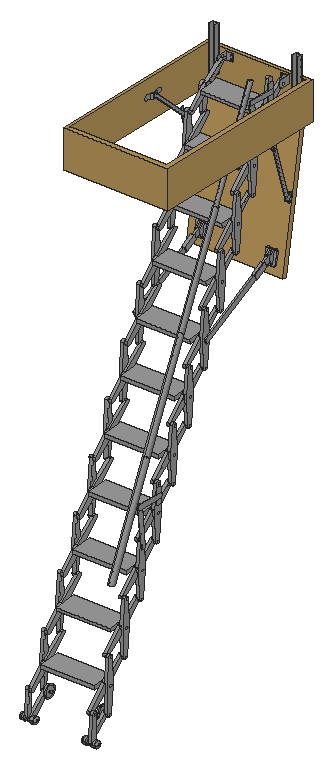
Revit family "schaartrap_Large elec 700x1200 mm", category Generic Models, Revit 2019 (continued)
Forms (mm)
  Extrusion 59, solid, material "gietaluminium" <- "schaartrap"
    sketch origin (-183, -691.803, -482.845) x (0, 1, 0) y (0, 0, 1)
      loop
        circle (1499.217, 2199.837) r 5.05
      loop
        circle (1503.35, 2369.787) r 5.05
      loop
        circle (1626.329, 2312.72) r 5.05
      loop
        circle (1630.463, 2482.669) r 5.05
      loop
        circle (1634.596, 2652.619) r 5.05
      loop
        circle (1757.575, 2595.552) r 5.05
      loop
        circle (1761.709, 2765.501) r 5.05
      loop
        circle (1765.842, 2935.451) r 5.05
      loop
        circle (1888.821, 2878.384) r 5.05
      loop
        circle (1892.955, 3048.333) r 5.05
      loop
        circle (1897.088, 3218.283) r 5.05
      loop
        circle (2020.067, 3161.216) r 5.05
      loop
        circle (2024.201, 3331.165) r 5.05
      loop
        circle (2028.334, 3501.115) r 5.05
    from 406 to 411
  Extrusion 60, solid, material "gietaluminium" <- "schaartrap"
    sketch origin (-190, 1075.218, -14.204) x (0, 1, 0) y (0, 0, 1)
      loop
        arc (-952.335, 115.163) -> (-889.836, 135.606) -> (-930.932, 186.941) r 40
        arc (-930.932, 186.941) -> (-966.5, 158.467) -> (-952.335, 115.163) r 40
      loop
        arc (-949.488, 116.796) -> (-892.75, 136.334) -> (-929.173, 184.023) r 37
        arc (-929.173, 184.023) -> (-963.586, 157.739) -> (-949.488, 116.796) r 37
    from 359 to 370
  Extrusion 61, solid, material "gietaluminium" <- "schaartrap"
    sketch origin (0, 1075.218, -14.204) x (0, 1, 0) y (0, 0, 1)
      loop
        arc (-929.173, 184.023) -> (-963.586, 157.739) -> (-949.488, 116.796) r 37
        arc (-949.488, 116.796) -> (-892.75, 136.334) -> (-929.173, 184.023) r 37
    from 173 to 176.5
  Extrusion 62, solid, material "gietaluminium" <- "schaartrap"
    sketch origin (518, 1075.218, -14.204) x (0, 1, 0) y (0, 0, -1)
      loop
        circle (-928.168, -147.037) r 5
    from 359 to 335
  Extrusion 63, solid, material "gietaluminium" <- "schaartrap"
    sketch origin (0, 1397.252, 589.921) x (0, 0.911966, 0.410266) y (0, -0.410266, 0.911966)
      loop
        line (738.558, 1486.986) -> (737.103, 1516.95) -> (144.506, 1488.184) -> (145.96, 1458.219) -> (738.558, 1486.986)
      loop
        circle (160.215, 1473.929) r 5.25
      loop
        circle (180.192, 1474.899) r 5.25
      loop
        circle (200.168, 1475.868) r 5.25
    from 223 to 238
  Extrusion 64, solid, material "gietaluminium" <- "schaartrap"
    sketch origin (0, 1481.317, 678.602) x (0, 0.911966, 0.410266) y (0, -0.410266, 0.911966)
      loop
        line (571.9, 1435.495) -> (570.203, 1470.454) -> (480.308, 1466.09) -> (482.005, 1431.132) -> (571.9, 1435.495)
    from 220 to 241
  Extrusion 65, solid, material "gietaluminium" <- "schaartrap"
    sketch origin (0, 560.741, 33.429) x (0, 1, 0) y (0, 0, 1)
      loop
        line (909.557, 2267.866) -> (879.657, 2238.071) -> (878.16, 2236.332)
        arc (878.16, 2236.332) -> (875.317, 2228.913) -> (876.662, 2221.083) r 15
        line (876.662, 2221.083) -> (894.568, 2182.859) -> (909.557, 2267.866)
      loop
        circle (890.245, 2227.446) r 4
    from 238 to 246
  Extrusion 66, solid, material "gietaluminium" <- "schaartrap"
    sketch origin (-23, 572.53, 33.429) x (0, 1, 0) y (0, 0, 1)
      loop
        line (897.768, 2267.866) -> (867.868, 2238.071) -> (866.371, 2236.332)
        arc (866.371, 2236.332) -> (863.528, 2228.913) -> (864.873, 2221.083) r 15
        line (864.873, 2221.083) -> (882.779, 2182.859) -> (897.768, 2267.866)
      loop
        circle (878.456, 2227.446) r 4
    from 238 to 246
  Extrusion 67, solid, material "gietaluminium" <- "schaartrap"
    sketch origin (9.5, 568.39, 63.512) x (0, -0.999989, -0.004751) y (0, -0.004751, 0.999989)
      loop
        line (-939.22, 2544.24) -> (-830.858, 2908.254) -> (-850.026, 2913.96) -> (-957.279, 2553.676) -> (-939.22, 2544.24)
    from -294 to -290
  Extrusion 68, solid, material "gietaluminium" <- "schaartrap"
    sketch origin (9.5, 556.226, 59.034) x (0, -1, 0) y (0, 0, 1)
      loop
        line (-940.89, 2553.899) -> (-976.995, 2573.203) -> (-966.577, 2514.114) -> (-939.251, 2544.603)
        arc (-939.251, 2544.603) -> (-937.81, 2549.65) -> (-940.89, 2553.899) r 6
      loop
        circle (-951.597, 2547.218) r 4
    from -298 to -294
  Extrusion 69, solid, material "gietaluminium" <- "schaartrap"
    sketch origin (9.5, 554.676, 59.45) x (0, -1, 0) y (0, 0, 1)
      loop
        circle (-850.772, 2884.573) r 4
    from -299 to -294
  Extrusion 70, solid, material "gietaluminium" <- "schaartrap"
    sketch origin (629, 1089.3, 0) x (0, 1, 0) y (0, 0, -1)
      loop
        circle (-1069.3, -20) r 20
    from 446 to 466
  Sweep 71, solid, material "gietaluminium" <- "schaartrap"
    path origin (163, 1089.3, 0) x (0, 1, 0) y (0, 0, -1)
      loop
        circle (-1069.3, -20) r 20
    profile origin (163, 20, 40) x (0, 0, 1) y (-1, 0, 0)
      loop
        line (-7.976, 0) -> (0, 0)
        arc (0, 0) -> (-2.238, 6.396) -> (-7.976, 10) r 10.257
        line (-7.976, 10) -> (-7.976, 0)
  Extrusion 72, solid, material "gietaluminium" <- "schaartrap"
    sketch origin (-223, 1089.3, 0) x (0, 1, 0) y (0, 0, 1)
      loop
        circle (-1069.3, 20) r 20
    from 446 to 466
  Sweep 73, solid, material "gietaluminium" <- "schaartrap"
    path origin (243, 1089.3, 0) x (0, 1, 0) y (0, 0, 1)
      loop
        circle (-1069.3, 20) r 20
    profile origin (243, 20, 40) x (0, 0, -1) y (1, 0, 0)
      loop
        line (7.976, 0) -> (7.976, 10)
        arc (7.976, 10) -> (2.238, 6.396) -> (0, 0) r 10.257
        line (0, 0) -> (7.976, 0)
  Extrusion 74, solid, material "gietaluminium" <- "schaartrap"
    sketch origin (0, -288.139, -495.345) x (0, 1, 0) y (0, 0, 1)
      loop
        circle (439.322, 785.677) r 21
      loop
        circle (570.569, 1068.501) r 21
      loop
        circle (701.815, 1351.333) r 21
      loop
        circle (833.061, 1634.173) r 21
      loop
        circle (964.307, 1916.997) r 21
      loop
        circle (1095.553, 2199.83) r 21
      loop
        circle (1226.799, 2482.662) r 21
      loop
        circle (1358.046, 2765.494) r 21
      loop
        circle (1489.292, 3048.326) r 21
      loop
        circle (1620.538, 3331.158) r 21
      loop
        circle (1751.784, 3613.99) r 21
    from 183 to 180
  Extrusion 75, solid, material "gietaluminium" <- "schaartrap"
    sketch origin (0, 555.226, 0) x (-1, 0, 0) y (0, -1, 0)
      loop
        line (-318.5, -670.781) -> (-315.5, -670.781) -> (-315.5, -648.68) -> (-299.5, -637.477) -> (-299.5, -605.584) -> (-315.5, -594.381) -> (-315.5, -572.281) -> (-318.5, -572.281) -> (-318.5, -595.943) -> (-302.5, -607.146) -> (-302.5, -635.915) -> (-318.5, -647.118) -> (-318.5, -670.781)
    from 3135.001 to 3165.001
  Extrusion 76, solid, material "gietaluminium" <- "schaartrap"
    sketch origin (0, 555.226, 0) x (0, -1, 0) y (0, 0, 1)
      loop
        arc (-670.781, 3165.001) -> (-685.781, 3150.001) -> (-670.781, 3135.001) r 15
        line (-670.781, 3135.001) -> (-670.781, 3165.001)
      loop
        line (-572.281, 3165.001) -> (-572.281, 3135.001)
        arc (-572.281, 3135.001) -> (-557.281, 3150.001) -> (-572.281, 3165.001) r 15
    from -318.5 to -315.5
  Extrusion 77, solid, material "gietaluminium" <- "schaartrap"
    sketch origin (-9.5, -183.415, -47.26) x (0, 0.992588, 0.121526) y (0, -0.121526, 0.992588)
      loop
        arc (1745.34, 3015.243) -> (1731.238, 3016.309) -> (1730.173, 3002.207) r 10
        line (1730.173, 3002.207) -> (1938.21, 2760.168)
        arc (1938.21, 2760.168) -> (1949.392, 2762.227) -> (1953.806, 2772.705) r 11.968
        line (1953.806, 2772.705) -> (1745.34, 3015.243)
    from -290 to -286
  Extrusion 78, solid, material "gietaluminium" <- "schaartrap"
    sketch origin (9.5, 183.415, -47.26) x (0, -0.992588, 0.121526) y (0, 0.121526, 0.992588)
      loop
        line (-602.244, 3302.667) -> (-863.066, 3117.586)
        arc (-863.066, 3117.586) -> (-861.31, 3106.352) -> (-850.955, 3101.656) r 11.968
        line (-850.955, 3101.656) -> (-590.67, 3286.357)
        arc (-590.67, 3286.357) -> (-588.302, 3300.299) -> (-602.244, 3302.667) r 10
    from -290 to -286
  Extrusion 79, solid, material "gietaluminium" <- "schaartrap"
    sketch origin (16, 566.635, 120) x (1, 0, 0) y (0, 1, 0)
      loop
        line (-174, 1074.122) -> (-223, 1074.122) -> (-223, 1000.712) -> (-219, 1000.712) -> (-219, 1070.122) -> (-174, 1070.122) -> (-174, 1074.122)
    from 3070.001 to 3120.001
  Extrusion 80, void
    sketch origin (0, 576.676, 110.097) x (0, 1, 0) y (0, 0, 1)
      loop
        circle (1012.7, 3103.203) r 5.05
    from -228 to 250
  Extrusion 81, void
    sketch origin (0, 566.635, 120) x (1, 0, 0) y (0, 0, 1)
      loop
        circle (-167.264, 3109) r 5
      loop
        circle (-167.264, 3080.25) r 5
    from -1074.122 to -1070.122
  Extrusion 82, void
    sketch origin (0, 566.635, -30) x (0, 1, 0) y (0, 0, 1)
      loop
        line (1022.741, 3270.001) -> (994.712, 3270.001) -> (994.712, 3220.001) -> (1022.741, 3220.001)
        arc (1022.741, 3220.001) -> (997.741, 3245.001) -> (1022.741, 3270.001) r 25
    from -231.94 to 250
  Extrusion 83, solid
    sketch origin (0, 566.635, -30) x (0, 1, 0) y (0, 0, 1)
      loop
        circle (1022.741, 3243.3) r 5.05
    from -207 to -212
  Extrusion 84, solid
    sketch origin (0, 566.635, -30) x (0, 1, 0) y (0, 0, -1)
      loop
        circle (1022.741, -3243.3) r 5.05
    from -207 to -212
  Extrusion 85, solid, material "gietaluminium" <- "schaartrap"
    sketch origin (-16, 566.635, 120) x (-1, 0, 0) y (0, -1, 0)
      loop
        line (-174, -1074.122) -> (-174, -1070.122) -> (-219, -1070.122) -> (-219, -1000.712) -> (-223, -1000.712) -> (-223, -1074.122) -> (-174, -1074.122)
    from 3070.001 to 3120.001
  Extrusion 86, void
    sketch origin (0, 566.635, 120) x (-1, 0, 0) y (0, 0, -1)
      loop
        circle (-167.264, -3109) r 5
      loop
        circle (-167.264, -3080.25) r 5
    from -1076.122 to -1062.325
  Extrusion 87, solid, material "gietaluminium" <- "schaartrap"
    sketch origin (-4822.485, -1837.572, 39.034) x (1, 0, 0) y (0, 1, 0)
      loop
        line (4529.985, 3475.327) -> (4529.985, 3448.329) -> (4531.985, 3448.329) -> (4531.985, 3475.327)
        arc (4531.985, 3475.327) -> (4532.278, 3476.035) -> (4532.986, 3476.329) r 1.001
        line (4532.986, 3476.329) -> (4566.985, 3476.329)
        arc (4566.985, 3476.329) -> (4567.692, 3476.036) -> (4567.985, 3475.329) r 1
        line (4567.985, 3475.329) -> (4567.985, 3448.329) -> (4569.985, 3448.329) -> (4569.985, 3475.329)
        arc (4569.985, 3475.329) -> (4569.106, 3477.45) -> (4566.985, 3478.329) r 3
        line (4566.985, 3478.329) -> (4532.986, 3478.329)
        arc (4532.986, 3478.329) -> (4530.864, 3477.45) -> (4529.985, 3475.327) r 3.001
    from 3050.001 to 3350.001
  Extrusion 88, void
    sketch origin (0, 578.044, -70) x (0, 1, 0) y (0, 0, -1)
      loop
        circle (1047.17, -3434.035) r 5.25
      loop
        circle (1047.17, -3414.035) r 5.25
      loop
        circle (1047.17, -3394.035) r 5.25
      loop
        circle (1047.17, -3374.035) r 5.25
      loop
        circle (1047.17, -3354.035) r 5.25
      loop
        circle (1047.17, -3334.035) r 5.25
      loop
        circle (1047.17, -3314.035) r 5.25
      loop
        circle (1047.17, -3294.035) r 5.25
      loop
        circle (1047.17, -3274.035) r 5.25
      loop
        circle (1047.17, -3254.035) r 5.25
      loop
        circle (1047.17, -3234.035) r 5.25
      loop
        circle (1047.17, -3214.035) r 5.25
      loop
        circle (1047.17, -3194.035) r 5.25
      loop
        circle (1047.17, -3174.035) r 5.25
      loop
        line (1040.712, -3159.035) -> (1040.712, -3153.033) -> (1026.715, -3153.033) -> (1026.715, -3168.033) -> (1031.715, -3168.033)
        arc (1031.715, -3168.033) -> (1034.35, -3161.67) -> (1040.712, -3159.035) r 8.998
    from -292.5 to -252.5
  Extrusion 89, solid, material "gietaluminium" <- "schaartrap"
    sketch origin (4822.485, -1837.572, 39.034) x (-1, 0, 0) y (0, -1, 0)
      loop
        arc (4529.985, -3475.327) -> (4530.864, -3477.45) -> (4532.986, -3478.329) r 3.001
        line (4532.986, -3478.329) -> (4566.985, -3478.329)
        arc (4566.985, -3478.329) -> (4569.106, -3477.45) -> (4569.985, -3475.329) r 3
        line (4569.985, -3475.329) -> (4569.985, -3448.329) -> (4567.985, -3448.329) -> (4567.985, -3475.329)
        arc (4567.985, -3475.329) -> (4567.692, -3476.036) -> (4566.985, -3476.329) r 1
        line (4566.985, -3476.329) -> (4532.986, -3476.329)
        arc (4532.986, -3476.329) -> (4532.278, -3476.035) -> (4531.985, -3475.327) r 1.001
        line (4531.985, -3475.327) -> (4531.985, -3448.329) -> (4529.985, -3448.329) -> (4529.985, -3475.327)
    from 3050.001 to 3350.001
  Extrusion 90, solid, material "gietaluminium" <- "schaartrap"
    sketch origin (0, 813.018, 1711.316) x (0, 0.98948, -0.144668) y (0, 0.144668, 0.98948)
      loop
        line (257, 1578.327) -> (319.569, 1325.967)
        arc (319.569, 1325.967) -> (335.331, 1324.724) -> (348.687, 1333.187) r 25
        line (348.687, 1333.187) -> (286.119, 1585.546)
        arc (286.119, 1585.546) -> (270.356, 1586.789) -> (257, 1578.327) r 25
    from 228 to 223
  Extrusion 91, solid, material "gietaluminium" <- "schaartrap"
    sketch origin (0, 813.015, 1711.345) x (0, 0.98948, -0.144669) y (0, 0.144669, 0.98948)
      loop
        line (435.226, 1611.925) -> (260.054, 1590.65)
        arc (260.054, 1590.65) -> (257.872, 1575.275) -> (263.671, 1560.869) r 30
        line (263.671, 1560.869) -> (438.843, 1582.144)
        arc (438.843, 1582.144) -> (441.025, 1597.519) -> (435.226, 1611.925) r 30
    from 228 to 233
  Extrusion 92, solid, material "gietaluminium" <- "schaartrap"
    sketch origin (0, 813.015, 1711.345) x (0, 0.98948, -0.144669) y (0, 0.144669, 0.98948)
      loop
        arc (417.587, 1545.835) -> (432.962, 1543.654) -> (447.368, 1549.452) r 30
        line (447.368, 1549.452) -> (435.678, 1645.707)
        arc (435.678, 1645.707) -> (420.302, 1647.888) -> (405.896, 1642.09) r 30
        line (405.896, 1642.09) -> (417.587, 1545.835)
    from 223 to 228
  Extrusion 93, solid, material "gietaluminium" <- "schaartrap"
    sketch origin (0, 954.414, 1672.129) x (0, 0.998572, -0.053426) y (0, 0.053426, 0.998572)
      loop
        line (280.038, 1590.328) -> (241.715, 1605.678) -> (230.56, 1577.829) -> (269.458, 1562.249)
        arc (269.458, 1562.249) -> (279.429, 1574.524) -> (280.038, 1590.328) r 25
    from 218 to 223
  Extrusion 94, solid, material "gietaluminium" <- "schaartrap", not visible
    sketch origin (0, 739.741, 2235.875) x (0, 0.995796, -0.091598) y (0, 0.091598, 0.995796)
      loop
        line (257, 1578.327) -> (319.569, 1325.967)
        arc (319.569, 1325.967) -> (335.331, 1324.724) -> (348.687, 1333.187) r 25
        line (348.687, 1333.187) -> (286.119, 1585.546)
        arc (286.119, 1585.546) -> (270.356, 1586.789) -> (257, 1578.327) r 25
    from 228 to 223
  Extrusion 95, solid, material "gietaluminium" <- "schaartrap", not visible
    sketch origin (0, 739.736, 2235.904) x (0, 0.995796, -0.091598) y (0, 0.091598, 0.995796)
      loop
        line (435.226, 1611.925) -> (260.054, 1590.65)
        arc (260.054, 1590.65) -> (257.872, 1575.275) -> (263.671, 1560.869) r 30
        line (263.671, 1560.869) -> (438.843, 1582.144)
        arc (438.843, 1582.144) -> (441.025, 1597.519) -> (435.226, 1611.925) r 30
    from 228 to 233
  Extrusion 96, solid, material "gietaluminium" <- "schaartrap", not visible
    sketch origin (0, 739.736, 2235.904) x (0, 0.995796, -0.091598) y (0, 0.091598, 0.995796)
      loop
        arc (417.587, 1545.835) -> (432.962, 1543.654) -> (447.368, 1549.452) r 30
        line (447.368, 1549.452) -> (435.678, 1645.707)
        arc (435.678, 1645.707) -> (420.302, 1647.888) -> (405.896, 1642.09) r 30
        line (405.896, 1642.09) -> (417.587, 1545.835)
    from 223 to 228
  Extrusion 97, solid, material "gietaluminium" <- "schaartrap", not visible
    sketch origin (0, 883.028, 2204.298) x (0, 1, 0) y (0, 0, 1)
      loop
        line (280.038, 1590.328) -> (241.715, 1605.678) -> (230.56, 1577.829) -> (269.458, 1562.249)
        arc (269.458, 1562.249) -> (279.429, 1574.524) -> (280.038, 1590.328) r 25
    from 218 to 223
  Extrusion 98, solid, material "gietaluminium" <- "schaartrap"
    sketch origin (0, 566.635, 0) x (0, 1, 0) y (0, 0, 1)
      loop
        arc (890.274, 3302.769) -> (875.017, 3131.672) -> (881.937, 2960.036) r 1330.136
        arc (881.937, 2960.036) -> (892.609, 2950.191) -> (903.748, 2959.505) r 11
        arc (903.748, 2959.505) -> (919.004, 3130.602) -> (912.084, 3302.239) r 1330.136
        arc (912.084, 3302.239) -> (901.412, 3312.084) -> (890.274, 3302.769) r 11
    from 203 to 223
  Extrusion 99, solid, material "gietaluminium" <- "schaartrap"
    sketch origin (-360, 566.635, 0) x (0, 1, 0) y (0, 0, 1)
      loop
        arc (875.439, 3120.858) -> (876.38, 3040.166) -> (882.216, 2959.68) r 1329.307
        arc (882.216, 2959.68) -> (892.494, 2950.164) -> (903.247, 2959.138) r 10.606
        arc (903.247, 2959.138) -> (912.697, 3035.887) -> (917.259, 3113.081) r 1218.578
        arc (917.259, 3113.081) -> (900.33, 3138.378) -> (875.439, 3120.858) r 21.275
    from 137 to 157
  Extrusion 100, solid, material "gietaluminium" <- "schaartrap"
    sketch origin (-629, 1089.3, 0) x (0, 1, 0) y (0, 0, 1)
      loop
        circle (-1069.3, 20) r 20
    from 446 to 466
  Sweep 101, solid, material "gietaluminium" <- "schaartrap"
    path origin (-163, 1089.3, 0) x (0, 1, 0) y (0, 0, 1)
      loop
        circle (-1069.3, 20) r 20
    profile origin (-163, 20, 40) x (0, 0, -1) y (1, 0, 0)
      loop
        line (7.976, 0) -> (7.976, 10)
        arc (7.976, 10) -> (2.238, 6.396) -> (0, 0) r 10.257
        line (0, 0) -> (7.976, 0)
  Extrusion 102, solid, material "gietaluminium" <- "schaartrap"
    sketch origin (223, 1089.3, 0) x (0, 1, 0) y (0, 0, -1)
      loop
        circle (-1069.3, -20) r 20
    from 446 to 466
  Sweep 103, solid, material "gietaluminium" <- "schaartrap"
    path origin (-243, 1089.3, 0) x (0, 1, 0) y (0, 0, -1)
      loop
        circle (-1069.3, -20) r 20
    profile origin (-243, 20, 40) x (0, 0, 1) y (-1, 0, 0)
      loop
        line (-7.976, 0) -> (0, 0)
        arc (0, 0) -> (-2.238, 6.396) -> (-7.976, 10) r 10.257
        line (-7.976, 10) -> (-7.976, 0)
Cuts and joins
  joined: Sweep 16, Extrusion 30
  joined: Sweep 19, Extrusion 93
  Extrusion 43, Extrusion 81, Extrusion 86 cuts Sweep 15
  Extrusion 43, Extrusion 49 cuts Extrusion 42
  joined: Extrusion 42, Extrusion 48
  joined: Extrusion 37, Extrusion 38
  Extrusion 43 cuts Extrusion 75
  joined: Extrusion 75, Extrusion 76
  Extrusion 49 cuts Extrusion 77
  Extrusion 49 cuts Extrusion 78
  Extrusion 80, Extrusion 81, Extrusion 82, Extrusion 86 cuts Extrusion 79
  Extrusion 82, Extrusion 86 cuts Extrusion 85
  Extrusion 54, Extrusion 88 cuts Extrusion 87
  Extrusion 88 cuts Extrusion 89
Lines and regions (mm)
  symbolic lines, visible <- "bovenliggende treden"
    curve 1: line (0, 613.772, 0) -> (0, 81.45, 0)
  model lines, style "schaartrap stippel"
    curve 2: line (342.5, 476.757, 0) -> (-342.5, 476.757, 0)
    curve 3: line (342.5, 1666.757, 0) -> (342.5, 476.757, 0)
    curve 4: line (-342.5, 1666.757, 0) -> (342.5, 1666.757, 0)
    curve 5: line (-342.5, 476.757, 0) -> (-342.5, 1666.757, 0)
  model lines, style "schaartrap stippel", visible <- "bovenliggende treden"
    curve 6: line (-176.5, 1401.249, 0) -> (176.5, 1401.249, 0)
    curve 7: line (-176.5, 1270.003, 0) -> (176.5, 1270.003, 0)
    curve 8: line (-176.5, 1532.495, 0) -> (176.5, 1532.495, 0)
    curve 9: line (-176.5, 1138.757, 0) -> (176.5, 1138.757, 0)
    curve 10: line (-176.5, 1007.511, 0) -> (176.5, 1007.511, 0)
    curve 11: line (-176.5, 876.264, 0) -> (176.5, 876.264, 0)
    curve 12: line (-176.5, 745.018, 0) -> (176.5, 745.018, 0)
    curve 13: line (-176.5, 613.772, 0) -> (-176.5, 1666.757, 0)
    curve 14: line (176.5, 613.772, 0) -> (176.5, 1666.757, 0)
    curve 15: line (0, 613.772, 0) -> (0, 1621.757, 0)
    curve 16: line (0, 1666.757, 0) -> (25.981, 1621.757, 0)
    curve 17: line (25.981, 1621.757, 0) -> (0, 1621.757, 0)
    curve 18: line (0, 1666.757, 0) -> (-25.981, 1621.757, 0)
    curve 19: line (-25.981, 1621.757, 0) -> (0, 1621.757, 0)
  model lines
    curve 20: line (0, 79.344, 308.926) -> (0, 1618.979, 3629.6)
    curve 21: line (0, 1668.603, 3736.628) -> (34.056, 1618.979, 3629.6)
    curve 22: line (34.056, 1618.979, 3629.6) -> (0, 1618.979, 3629.6)
    curve 23: line (-34.056, 1618.979, 3629.6) -> (0, 1618.979, 3629.6)
    curve 24: line (0, 1668.603, 3736.628) -> (-34.056, 1618.979, 3629.6)
Dimensions and locks
  equal spacing: plane 4, plane 3 "Center (Left/Right)", plane 5
  locked: plane 4 to plane 5 at 366
  plane 5 to plane 8 to plane 9 = 20 mm locked, 20 mm locked
  plane 7 to plane 6 to plane 4 = 20 mm locked, 20 mm locked
  plane 5 to plane 10 = 6.5 mm
  locked: plane 12 to level at 3000.001
  equal spacing: plane 14, plane 3 "Center (Left/Right)", plane 13
  locked: plane 14 to plane 13 at 685
  plane 4 to plane 15 = 6.5 mm
  locked: plane 13 to plane 16 at 25
  locked: plane 14 to plane 17 at 25
  plane 18 to plane 4 = 4 mm
  plane 20 to plane 21 to plane 19 = 15 mm, 15 mm
  locked: plane 22 to plane 23 at 1190
  plane 14 to plane 13 = 685 mm
  plane 25 "Center L/S" to plane 12 to level = 250 mm, 3000.001 mm
  aligned and locked: level to plane 2
  aligned and locked: plane 15 to Extrusion 4
  aligned and locked: plane 10 to Extrusion 4
  aligned and locked: Extrusion 10 to Extrusion 9
  aligned and locked: Sweep 15 sketch curve to plane 13
  aligned and locked: plane 14 to Sweep 15 sketch curve
  aligned and locked: plane 17 to Extrusion 14
  aligned and locked: Extrusion 14 to plane 16
  aligned and locked: plane 20 to Extrusion 42
  aligned and locked: Extrusion 42 to plane 19
  aligned and locked: Extrusion 58 to Extrusion 59
  aligned and locked: Sweep 15 sketch curve to plane 22
  aligned and locked: Extrusion 99 to Extrusion 9  (x2)
  aligned and locked: plane 23 to Sweep 15 sketch curve
Automatic sketch dimensions
  Extrusion 5 sketch curve to Extrusion 5 sketch curve = 0 mm  (x12)
  Extrusion 5 sketch curve to Extrusion 5 sketch curve = 1.005 mm
  Extrusion 5 sketch curve to Extrusion 5 sketch curve = 1.759 mm
  Extrusion 5 sketch curve to Extrusion 5 sketch curve = 21.32 mm
  Extrusion 5 sketch curve to Extrusion 5 sketch curve = 2.848 mm
  Extrusion 5 sketch curve to Extrusion 5 sketch curve = 30.24 mm
  Extrusion 5 sketch curve to Extrusion 5 sketch curve = 1.633 mm
  Extrusion 6 sketch curve to Extrusion 6 sketch curve = 0 mm  (x2)
  Extrusion 6 sketch curve to Extrusion 6 sketch curve = 1.005 mm
  Extrusion 6 sketch curve to Extrusion 6 sketch curve = 21.32 mm
  Extrusion 6 sketch curve to Extrusion 6 sketch curve = 30.24 mm
  Extrusion 11 sketch curve to Extrusion 11 sketch curve = 0 mm  (x12)
  Extrusion 11 sketch curve to Extrusion 11 sketch curve = 1.005 mm
  Extrusion 11 sketch curve to Extrusion 11 sketch curve = 1.759 mm
  Extrusion 11 sketch curve to Extrusion 11 sketch curve = 21.32 mm
  Extrusion 11 sketch curve to Extrusion 11 sketch curve = 2.848 mm
  Extrusion 11 sketch curve to Extrusion 11 sketch curve = 30.24 mm
  Extrusion 11 sketch curve to Extrusion 11 sketch curve = 1.633 mm
  Extrusion 12 sketch curve to Extrusion 12 sketch curve = 0 mm  (x2)
  Extrusion 12 sketch curve to Extrusion 12 sketch curve = 1.005 mm
  Extrusion 12 sketch curve to Extrusion 12 sketch curve = 21.32 mm
  Extrusion 12 sketch curve to Extrusion 12 sketch curve = 30.24 mm
  Extrusion 13 sketch curve to Extrusion 13 sketch curve = 0 mm  (x2)
  Extrusion 13 sketch curve to Extrusion 13 sketch curve = 5 mm
  Sweep 16 sketch curve to profile plane = 0 mm  (x2)
  Sweep 17 sketch curve to profile plane = 0 mm  (x2)
  Sweep 18 sketch curve to profile plane = 0 mm  (x2)
  Sweep 19 sketch curve to profile plane = 0 mm  (x2)
  Sweep 16 sketch curve to Sweep 16 sketch curve = 257.672 mm
  Sweep 16 sketch curve to Sweep 16 sketch curve = 643.315 mm
  Sweep 17 sketch curve to Sweep 17 sketch curve = 248.806 mm
  Sweep 17 sketch curve to Sweep 17 sketch curve = 621.178 mm
  Sweep 18 sketch curve to Sweep 18 sketch curve = 253.256 mm
  Sweep 18 sketch curve to Sweep 18 sketch curve = 632.288 mm
  Sweep 19 sketch curve to Sweep 19 sketch curve = 253.333 mm
  Sweep 19 sketch curve to Sweep 19 sketch curve = 632.48 mm
  Sweep 23 sketch curve to profile plane = 0 mm  (x2)
  Sweep 24 sketch curve to profile plane = 0 mm  (x2)
  Sweep 25 sketch curve to profile plane = 0 mm  (x2)
  Sweep 26 sketch curve to profile plane = 0 mm  (x2)
  Sweep 23 sketch curve to Sweep 23 sketch curve = 257.672 mm
  Sweep 23 sketch curve to Sweep 23 sketch curve = 643.315 mm
  Sweep 24 sketch curve to Sweep 24 sketch curve = 248.806 mm
  Sweep 24 sketch curve to Sweep 24 sketch curve = 621.178 mm
  Sweep 25 sketch curve to Sweep 25 sketch curve = 253.256 mm
  Sweep 25 sketch curve to Sweep 25 sketch curve = 632.288 mm
  Sweep 26 sketch curve to Sweep 26 sketch curve = 253.333 mm
  Sweep 26 sketch curve to Sweep 26 sketch curve = 632.48 mm
  Extrusion 30 sketch curve to Extrusion 30 sketch curve = 13.423 mm
  Extrusion 30 sketch curve to Extrusion 30 sketch curve = 11.554 mm
  Extrusion 30 sketch curve to Extrusion 30 sketch curve = 22.709 mm
  Extrusion 30 sketch curve to Extrusion 30 sketch curve = 6.618 mm
  Extrusion 30 sketch curve to Extrusion 30 sketch curve = 21.231 mm
  Extrusion 37 sketch curve to Extrusion 37 sketch curve = 30 mm  (x2)
  Extrusion 37 sketch curve to Extrusion 37 sketch curve = 593.295 mm
  Extrusion 38 sketch curve to Extrusion 38 sketch curve = 35 mm  (x2)
  Extrusion 38 sketch curve to Extrusion 38 sketch curve = 90 mm
  Extrusion 39 sketch curve to Extrusion 39 sketch curve = 86.318 mm
  Extrusion 39 sketch curve to Extrusion 39 sketch curve = 44.796 mm
  Extrusion 39 sketch curve to Extrusion 39 sketch curve = 15 mm  (x3)
  Extrusion 39 sketch curve to Extrusion 39 sketch curve = 2.295 mm  (x2)
  Extrusion 39 sketch curve to Extrusion 39 sketch curve = 42.21 mm  (x2)
  Extrusion 40 sketch curve to Extrusion 40 sketch curve = 86.318 mm
  Extrusion 40 sketch curve to Extrusion 40 sketch curve = 44.796 mm
  Extrusion 40 sketch curve to Extrusion 40 sketch curve = 15 mm  (x3)
  Extrusion 40 sketch curve to Extrusion 40 sketch curve = 2.295 mm  (x2)
  Extrusion 40 sketch curve to Extrusion 40 sketch curve = 42.21 mm  (x2)
  Extrusion 39 sketch curve to Extrusion 39 sketch curve = 1.498 mm
  Extrusion 39 sketch curve to Extrusion 39 sketch curve = 1.497 mm
  Extrusion 39 sketch curve to Extrusion 39 sketch curve = 13.583 mm
  Extrusion 39 sketch curve to Extrusion 39 sketch curve = 17.907 mm
  Extrusion 39 sketch curve to Extrusion 39 sketch curve = 29.9 mm
  Extrusion 39 sketch curve to Extrusion 39 sketch curve = 38.224 mm
  Extrusion 39 sketch curve to Extrusion 39 sketch curve = 6.363 mm
  Extrusion 39 sketch curve to Extrusion 39 sketch curve = 1.74 mm
  Extrusion 39 sketch curve to Extrusion 39 sketch curve = 29.794 mm
  Extrusion 40 sketch curve to Extrusion 40 sketch curve = 1.498 mm
  Extrusion 40 sketch curve to Extrusion 40 sketch curve = 1.497 mm
  Extrusion 40 sketch curve to Extrusion 40 sketch curve = 13.583 mm
  Extrusion 40 sketch curve to Extrusion 40 sketch curve = 17.907 mm
  Extrusion 40 sketch curve to Extrusion 40 sketch curve = 29.9 mm
  Extrusion 40 sketch curve to Extrusion 40 sketch curve = 38.224 mm
  Extrusion 40 sketch curve to Extrusion 40 sketch curve = 6.363 mm
  Extrusion 40 sketch curve to Extrusion 40 sketch curve = 1.74 mm
  Extrusion 40 sketch curve to Extrusion 40 sketch curve = 29.794 mm
  Extrusion 45 sketch curve to Extrusion 45 sketch curve = 1.639 mm
  Extrusion 45 sketch curve to Extrusion 45 sketch curve = 2.829 mm
  Extrusion 45 sketch curve to Extrusion 45 sketch curve = 7.878 mm
  Extrusion 45 sketch curve to Extrusion 45 sketch curve = 14.979 mm
  Extrusion 45 sketch curve to Extrusion 45 sketch curve = 25.398 mm
  Extrusion 45 sketch curve to Extrusion 45 sketch curve = 30.489 mm
  Extrusion 45 sketch curve to Extrusion 45 sketch curve = 2.615 mm
  Extrusion 45 sketch curve to Extrusion 45 sketch curve = 4.005 mm
  Extrusion 45 sketch curve to Extrusion 45 sketch curve = 25.984 mm
  Extrusion 10 sketch curve to Extrusion 10 sketch curve = 4.134 mm  (x17)
  Extrusion 10 sketch curve to Extrusion 10 sketch curve = 122.979 mm  (x8)
  Extrusion 10 sketch curve to Extrusion 10 sketch curve = 127.112 mm  (x2)
  Extrusion 10 sketch curve to Extrusion 10 sketch curve = 3.994 mm
  Extrusion 10 sketch curve to Extrusion 10 sketch curve = 123.118 mm
  Extrusion 10 sketch curve to Extrusion 10 sketch curve = 57.115 mm
  Extrusion 10 sketch curve to Extrusion 10 sketch curve = 112.882 mm  (x11)
  Extrusion 10 sketch curve to Extrusion 10 sketch curve = 57.067 mm  (x8)
  Extrusion 10 sketch curve to Extrusion 10 sketch curve = 169.95 mm  (x9)
  Extrusion 3 sketch curve to Extrusion 3 sketch curve = 4.134 mm  (x17)
  Extrusion 3 sketch curve to Extrusion 3 sketch curve = 122.979 mm  (x8)
  Extrusion 3 sketch curve to Extrusion 3 sketch curve = 127.112 mm  (x2)
  Extrusion 3 sketch curve to Extrusion 3 sketch curve = 3.994 mm
  Extrusion 3 sketch curve to Extrusion 3 sketch curve = 123.118 mm
  Extrusion 3 sketch curve to Extrusion 3 sketch curve = 57.115 mm
  Extrusion 3 sketch curve to Extrusion 3 sketch curve = 112.882 mm  (x11)
  Extrusion 3 sketch curve to Extrusion 3 sketch curve = 57.067 mm  (x8)
  Extrusion 3 sketch curve to Extrusion 3 sketch curve = 169.95 mm  (x9)
  Extrusion 55 sketch curve to Extrusion 55 sketch curve = 131.247 mm  (x2)
  Extrusion 55 sketch curve to Extrusion 55 sketch curve = 282.832 mm  (x7)
  Extrusion 55 sketch curve to Extrusion 55 sketch curve = 282.824 mm  (x2)
  Extrusion 55 sketch curve to Extrusion 55 sketch curve = 282.84 mm
  Extrusion 55 sketch curve to Extrusion 55 sketch curve = 131.246 mm  (x7)
  Extrusion 55 sketch curve to Extrusion 55 sketch curve = 131.245 mm
  Extrusion 60 sketch curve to Extrusion 60 sketch curve = 0 mm  (x12)
  Extrusion 60 sketch curve to Extrusion 60 sketch curve = 1.005 mm
  Extrusion 60 sketch curve to Extrusion 60 sketch curve = 1.759 mm
  Extrusion 60 sketch curve to Extrusion 60 sketch curve = 21.32 mm
  Extrusion 60 sketch curve to Extrusion 60 sketch curve = 2.848 mm
  Extrusion 60 sketch curve to Extrusion 60 sketch curve = 30.24 mm
  Extrusion 60 sketch curve to Extrusion 60 sketch curve = 1.633 mm
  Extrusion 61 sketch curve to Extrusion 61 sketch curve = 0 mm  (x2)
  Extrusion 61 sketch curve to Extrusion 61 sketch curve = 1.005 mm
  Extrusion 61 sketch curve to Extrusion 61 sketch curve = 21.32 mm
  Extrusion 61 sketch curve to Extrusion 61 sketch curve = 30.24 mm
  Extrusion 62 sketch curve to Extrusion 62 sketch curve = 0 mm  (x2)
  Extrusion 62 sketch curve to Extrusion 62 sketch curve = 5 mm
  Extrusion 65 sketch curve to Extrusion 65 sketch curve = 1.498 mm
  Extrusion 65 sketch curve to Extrusion 65 sketch curve = 1.497 mm
  Extrusion 65 sketch curve to Extrusion 65 sketch curve = 13.583 mm
  Extrusion 65 sketch curve to Extrusion 65 sketch curve = 17.907 mm
  Extrusion 65 sketch curve to Extrusion 65 sketch curve = 29.9 mm
  Extrusion 65 sketch curve to Extrusion 65 sketch curve = 38.224 mm
  Extrusion 65 sketch curve to Extrusion 65 sketch curve = 6.363 mm
  Extrusion 65 sketch curve to Extrusion 65 sketch curve = 1.74 mm
  Extrusion 65 sketch curve to Extrusion 65 sketch curve = 29.794 mm
  Extrusion 66 sketch curve to Extrusion 66 sketch curve = 1.498 mm
  Extrusion 66 sketch curve to Extrusion 66 sketch curve = 1.497 mm
  Extrusion 66 sketch curve to Extrusion 66 sketch curve = 13.583 mm
  Extrusion 66 sketch curve to Extrusion 66 sketch curve = 17.907 mm
  Extrusion 66 sketch curve to Extrusion 66 sketch curve = 29.9 mm
  Extrusion 66 sketch curve to Extrusion 66 sketch curve = 38.224 mm
  Extrusion 66 sketch curve to Extrusion 66 sketch curve = 6.363 mm
  Extrusion 66 sketch curve to Extrusion 66 sketch curve = 1.74 mm
  Extrusion 66 sketch curve to Extrusion 66 sketch curve = 29.794 mm
  Extrusion 68 sketch curve to Extrusion 68 sketch curve = 1.639 mm
  Extrusion 68 sketch curve to Extrusion 68 sketch curve = 2.829 mm
  Extrusion 68 sketch curve to Extrusion 68 sketch curve = 7.878 mm
  Extrusion 68 sketch curve to Extrusion 68 sketch curve = 14.979 mm
  Extrusion 68 sketch curve to Extrusion 68 sketch curve = 25.398 mm
  Extrusion 68 sketch curve to Extrusion 68 sketch curve = 30.489 mm
  Extrusion 68 sketch curve to Extrusion 68 sketch curve = 2.615 mm
  Extrusion 68 sketch curve to Extrusion 68 sketch curve = 4.005 mm
  Extrusion 68 sketch curve to Extrusion 68 sketch curve = 25.984 mm
  Extrusion 59 sketch curve to Extrusion 59 sketch curve = 4.134 mm  (x17)
  Extrusion 59 sketch curve to Extrusion 59 sketch curve = 122.979 mm  (x8)
  Extrusion 59 sketch curve to Extrusion 59 sketch curve = 127.112 mm  (x2)
  Extrusion 59 sketch curve to Extrusion 59 sketch curve = 3.994 mm
  Extrusion 59 sketch curve to Extrusion 59 sketch curve = 123.118 mm
  Extrusion 59 sketch curve to Extrusion 59 sketch curve = 57.115 mm
  Extrusion 59 sketch curve to Extrusion 59 sketch curve = 112.882 mm  (x11)
  Extrusion 59 sketch curve to Extrusion 59 sketch curve = 57.067 mm  (x8)
  Extrusion 59 sketch curve to Extrusion 59 sketch curve = 169.95 mm  (x9)
  Extrusion 74 sketch curve to Extrusion 74 sketch curve = 131.247 mm  (x2)
  Extrusion 74 sketch curve to Extrusion 74 sketch curve = 282.832 mm  (x7)
  Extrusion 74 sketch curve to Extrusion 74 sketch curve = 282.824 mm  (x2)
  Extrusion 74 sketch curve to Extrusion 74 sketch curve = 282.84 mm
  Extrusion 74 sketch curve to Extrusion 74 sketch curve = 131.246 mm  (x7)
  Extrusion 74 sketch curve to Extrusion 74 sketch curve = 131.245 mm
  Extrusion 42 sketch curve to Extrusion 42 sketch curve = 3 mm  (x3)
  Extrusion 42 sketch curve to Extrusion 42 sketch curve = 1.562 mm  (x4)
  Extrusion 42 sketch curve to Extrusion 42 sketch curve = 11.203 mm  (x2)
  Extrusion 42 sketch curve to Extrusion 42 sketch curve = 28.769 mm
  Extrusion 37 sketch curve to Extrusion 37 sketch curve = 0 mm  (x2)
  Extrusion 37 sketch curve to Extrusion 37 sketch curve = 23.387 mm
  Extrusion 37 sketch curve to Extrusion 37 sketch curve = 348.829 mm
  Extrusion 37 sketch curve to Extrusion 37 sketch curve = 12.526 mm  (x2)
  Extrusion 37 sketch curve to Extrusion 37 sketch curve = 10.227 mm
  Extrusion 37 sketch curve to Extrusion 37 sketch curve = 18.789 mm
  Extrusion 37 sketch curve to Extrusion 37 sketch curve = 21.088 mm
  Extrusion 37 sketch curve to Extrusion 37 sketch curve = 15.592 mm  (x2)
  Extrusion 37 sketch curve to Extrusion 37 sketch curve = 5.25 mm
  Extrusion 38 sketch curve to Extrusion 38 sketch curve = 27.285 mm
  Extrusion 38 sketch curve to Extrusion 38 sketch curve = 56.367 mm
  Extrusion 38 sketch curve to Extrusion 38 sketch curve = 21.921 mm
  Extrusion 33 sketch curve to Extrusion 33 sketch curve = 0 mm  (x2)
  Extrusion 33 sketch curve to Extrusion 33 sketch curve = 23.387 mm
  Extrusion 33 sketch curve to Extrusion 33 sketch curve = 348.829 mm
  Extrusion 33 sketch curve to Extrusion 33 sketch curve = 12.526 mm  (x2)
  Extrusion 33 sketch curve to Extrusion 33 sketch curve = 10.227 mm
  Extrusion 33 sketch curve to Extrusion 33 sketch curve = 18.789 mm
  Extrusion 33 sketch curve to Extrusion 33 sketch curve = 21.088 mm
  Extrusion 33 sketch curve to Extrusion 33 sketch curve = 15.592 mm  (x2)
  Extrusion 33 sketch curve to Extrusion 33 sketch curve = 5.25 mm
  Extrusion 34 sketch curve to Extrusion 34 sketch curve = 27.285 mm
  Extrusion 34 sketch curve to Extrusion 34 sketch curve = 56.367 mm
  Extrusion 34 sketch curve to Extrusion 34 sketch curve = 21.921 mm
  Extrusion 63 sketch curve to Extrusion 63 sketch curve = 0 mm  (x2)
  Extrusion 63 sketch curve to Extrusion 63 sketch curve = 1.455 mm
  Extrusion 63 sketch curve to Extrusion 63 sketch curve = 538.389 mm
  Extrusion 63 sketch curve to Extrusion 63 sketch curve = 19.976 mm  (x2)
  Extrusion 63 sketch curve to Extrusion 63 sketch curve = 34.232 mm
  Extrusion 63 sketch curve to Extrusion 63 sketch curve = 29.965 mm
  Extrusion 63 sketch curve to Extrusion 63 sketch curve = 15.71 mm
  Extrusion 63 sketch curve to Extrusion 63 sketch curve = 0.97 mm
  Extrusion 63 sketch curve to Extrusion 63 sketch curve = 4.898 mm
  Extrusion 63 sketch curve to Extrusion 63 sketch curve = 3.483 mm
  Extrusion 64 sketch curve to Extrusion 64 sketch curve = 1.697 mm
  Extrusion 64 sketch curve to Extrusion 64 sketch curve = 89.894 mm
  Extrusion 64 sketch curve to Extrusion 64 sketch curve = 34.959 mm
  Extrusion 20 sketch curve to Extrusion 20 sketch curve = 19.372 mm  (x2)
  Extrusion 20 sketch curve to Extrusion 20 sketch curve = 9.746 mm  (x2)
  Extrusion 20 sketch curve to Extrusion 20 sketch curve = 43.196 mm
  Extrusion 20 sketch curve to Extrusion 20 sketch curve = 7.219 mm
  Extrusion 20 sketch curve to Extrusion 20 sketch curve = 213.535 mm
  Extrusion 20 sketch curve to Extrusion 20 sketch curve = 15.803 mm
  Extrusion 21 sketch curve to Extrusion 21 sketch curve = 3.617 mm  (x2)
  Extrusion 21 sketch curve to Extrusion 21 sketch curve = 23.983 mm  (x2)
  Extrusion 21 sketch curve to Extrusion 21 sketch curve = 123.59 mm
  Extrusion 21 sketch curve to Extrusion 21 sketch curve = 18.023 mm
  Extrusion 21 sketch curve to Extrusion 21 sketch curve = 3.252 mm
  Extrusion 21 sketch curve to Extrusion 21 sketch curve = 11.758 mm
  Extrusion 22 sketch curve to Extrusion 22 sketch curve = 11.69 mm
  Extrusion 22 sketch curve to Extrusion 22 sketch curve = 18.023 mm
  Extrusion 22 sketch curve to Extrusion 22 sketch curve = 11.758 mm  (x2)
  Extrusion 22 sketch curve to Extrusion 22 sketch curve = 29.781 mm
  Extrusion 22 sketch curve to Extrusion 22 sketch curve = 3.617 mm
  Extrusion 22 sketch curve to Extrusion 22 sketch curve = 44.672 mm
  Extrusion 22 sketch curve to Extrusion 22 sketch curve = 23.983 mm
  Extrusion 27 sketch curve to Extrusion 27 sketch curve = 19.372 mm  (x2)
  Extrusion 27 sketch curve to Extrusion 27 sketch curve = 9.746 mm  (x2)
  Extrusion 27 sketch curve to Extrusion 27 sketch curve = 43.196 mm
  Extrusion 27 sketch curve to Extrusion 27 sketch curve = 7.219 mm
  Extrusion 27 sketch curve to Extrusion 27 sketch curve = 213.535 mm
  Extrusion 27 sketch curve to Extrusion 27 sketch curve = 15.803 mm
  Extrusion 28 sketch curve to Extrusion 28 sketch curve = 3.617 mm  (x2)
  Extrusion 28 sketch curve to Extrusion 28 sketch curve = 23.983 mm  (x2)
  Extrusion 28 sketch curve to Extrusion 28 sketch curve = 123.59 mm
  Extrusion 28 sketch curve to Extrusion 28 sketch curve = 18.023 mm
  Extrusion 28 sketch curve to Extrusion 28 sketch curve = 3.252 mm
  Extrusion 28 sketch curve to Extrusion 28 sketch curve = 11.758 mm
  Extrusion 29 sketch curve to Extrusion 29 sketch curve = 11.69 mm
  Extrusion 29 sketch curve to Extrusion 29 sketch curve = 18.023 mm
  Extrusion 29 sketch curve to Extrusion 29 sketch curve = 11.758 mm  (x2)
  Extrusion 29 sketch curve to Extrusion 29 sketch curve = 29.781 mm
  Extrusion 29 sketch curve to Extrusion 29 sketch curve = 3.617 mm
  Extrusion 29 sketch curve to Extrusion 29 sketch curve = 44.672 mm
  Extrusion 29 sketch curve to Extrusion 29 sketch curve = 23.983 mm
  Extrusion 44 sketch curve to Extrusion 44 sketch curve = 19.114 mm
  Extrusion 44 sketch curve to Extrusion 44 sketch curve = 111.817 mm
  Extrusion 44 sketch curve to Extrusion 44 sketch curve = 17.968 mm
  Extrusion 44 sketch curve to Extrusion 44 sketch curve = 9.607 mm
  Extrusion 50 sketch curve to Extrusion 50 sketch curve = 19.114 mm
  Extrusion 50 sketch curve to Extrusion 50 sketch curve = 111.817 mm
  Extrusion 50 sketch curve to Extrusion 50 sketch curve = 17.968 mm
  Extrusion 50 sketch curve to Extrusion 50 sketch curve = 9.607 mm
  Extrusion 67 sketch curve to Extrusion 67 sketch curve = 19.169 mm
  Extrusion 67 sketch curve to Extrusion 67 sketch curve = 108.363 mm
  Extrusion 67 sketch curve to Extrusion 67 sketch curve = 18.059 mm
  Extrusion 67 sketch curve to Extrusion 67 sketch curve = 9.436 mm
  Extrusion 42 sketch curve to Extrusion 42 sketch curve = 0 mm
  Extrusion 42 sketch curve to Extrusion 42 sketch curve = 13 mm
  Extrusion 42 sketch curve to Extrusion 42 sketch curve = 22.101 mm  (x2)
  Extrusion 48 sketch curve to Extrusion 48 sketch curve = 98.5 mm
  Extrusion 48 sketch curve to Extrusion 48 sketch curve = 0 mm
  Extrusion 48 sketch curve to Extrusion 48 sketch curve = 15 mm  (x2)
  Extrusion 75 sketch curve to Extrusion 75 sketch curve = 3 mm  (x3)
  Extrusion 75 sketch curve to Extrusion 75 sketch curve = 1.562 mm  (x4)
  Extrusion 75 sketch curve to Extrusion 75 sketch curve = 11.203 mm  (x2)
  Extrusion 75 sketch curve to Extrusion 75 sketch curve = 28.769 mm
  Extrusion 75 sketch curve to Extrusion 75 sketch curve = 0 mm
  Extrusion 75 sketch curve to Extrusion 75 sketch curve = 13 mm
  Extrusion 75 sketch curve to Extrusion 75 sketch curve = 22.101 mm  (x2)
  Extrusion 76 sketch curve to Extrusion 76 sketch curve = 98.5 mm
  Extrusion 76 sketch curve to Extrusion 76 sketch curve = 0 mm
  Extrusion 76 sketch curve to Extrusion 76 sketch curve = 15 mm  (x2)
  Extrusion 77 sketch curve to Extrusion 77 sketch curve = 3.684 mm
  Extrusion 77 sketch curve to Extrusion 77 sketch curve = 229.501 mm
  Extrusion 77 sketch curve to Extrusion 77 sketch curve = 1.151 mm
  Extrusion 77 sketch curve to Extrusion 77 sketch curve = 6.518 mm
  Extrusion 78 sketch curve to Extrusion 78 sketch curve = 11.283 mm
  Extrusion 78 sketch curve to Extrusion 78 sketch curve = 0.828 mm
  Extrusion 78 sketch curve to Extrusion 78 sketch curve = 249.538 mm
  Extrusion 78 sketch curve to Extrusion 78 sketch curve = 5.787 mm  (x2)
  Extrusion 78 sketch curve to Extrusion 78 sketch curve = 11.939 mm
  Extrusion 78 sketch curve to Extrusion 78 sketch curve = 172.761 mm
  Extrusion 78 sketch curve to Extrusion 78 sketch curve = 8.155 mm
  Extrusion 80 sketch curve to Extrusion 80 sketch curve = 5.05 mm
  Extrusion 79 sketch curve to Extrusion 79 sketch curve = 4 mm  (x2)
  Extrusion 79 sketch curve to Extrusion 79 sketch curve = 45 mm
  Extrusion 79 sketch curve to Extrusion 79 sketch curve = 69.409 mm
  Extrusion 81 sketch curve to Extrusion 81 sketch curve = 0 mm  (x3)
  Extrusion 81 sketch curve to Extrusion 81 sketch curve = 28.75 mm
  Extrusion 81 sketch curve to Extrusion 81 sketch curve = 5 mm  (x2)
  Extrusion 82 sketch curve to Extrusion 82 sketch curve = 28.028 mm
  Extrusion 82 sketch curve to Extrusion 82 sketch curve = 25 mm  (x2)
  Extrusion 40 sketch curve to Extrusion 40 sketch curve = 0 mm  (x6)
  Extrusion 40 sketch curve to Extrusion 40 sketch curve = 4 mm
  Extrusion 36 sketch curve to Extrusion 36 sketch curve = 0 mm  (x6)
  Extrusion 36 sketch curve to Extrusion 36 sketch curve = 4 mm
  Extrusion 66 sketch curve to Extrusion 66 sketch curve = 0 mm  (x6)
  Extrusion 66 sketch curve to Extrusion 66 sketch curve = 4 mm
  Extrusion 85 sketch curve to Extrusion 85 sketch curve = 4 mm  (x2)
  Extrusion 85 sketch curve to Extrusion 85 sketch curve = 45 mm
  Extrusion 85 sketch curve to Extrusion 85 sketch curve = 69.409 mm
  Extrusion 86 sketch curve to Extrusion 86 sketch curve = 0 mm  (x3)
  Extrusion 86 sketch curve to Extrusion 86 sketch curve = 28.75 mm
  Extrusion 86 sketch curve to Extrusion 86 sketch curve = 5 mm  (x2)
  Extrusion 9 sketch curve to Extrusion 9 sketch curve = 131.246 mm  (x15)
  Extrusion 9 sketch curve to Extrusion 9 sketch curve = 131.247 mm  (x9)
  Extrusion 9 sketch curve to Extrusion 9 sketch curve = 131.245 mm  (x3)
  Extrusion 9 sketch curve to Extrusion 9 sketch curve = 122.979 mm  (x5)
  Extrusion 9 sketch curve to Extrusion 9 sketch curve = 122.98 mm  (x3)
  Extrusion 9 sketch curve to Extrusion 9 sketch curve = 122.978 mm
  Extrusion 9 sketch curve to Extrusion 9 sketch curve = 111.982 mm
  Extrusion 9 sketch curve to Extrusion 9 sketch curve = 112.115 mm
  Extrusion 9 sketch curve to Extrusion 9 sketch curve = 10.997 mm  (x2)
  Extrusion 9 sketch curve to Extrusion 9 sketch curve = 14.679 mm
  Extrusion 9 sketch curve to Extrusion 9 sketch curve = 3.78 mm
  Extrusion 9 sketch curve to Extrusion 9 sketch curve = 116.618 mm
  Extrusion 9 sketch curve to Extrusion 9 sketch curve = 56.8 mm
  Extrusion 9 sketch curve to Extrusion 9 sketch curve = 0.267 mm
  Extrusion 9 sketch curve to Extrusion 9 sketch curve = 138.142 mm
  Extrusion 9 sketch curve to Extrusion 9 sketch curve = 144.423 mm
  Extrusion 9 sketch curve to Extrusion 9 sketch curve = 282.824 mm  (x9)
  Extrusion 9 sketch curve to Extrusion 9 sketch curve = 57.075 mm  (x3)
  Extrusion 9 sketch curve to Extrusion 9 sketch curve = 282.832 mm  (x15)
  Extrusion 9 sketch curve to Extrusion 9 sketch curve = 57.067 mm  (x5)
  Extrusion 9 sketch curve to Extrusion 9 sketch curve = 282.84 mm  (x3)
  Extrusion 9 sketch curve to Extrusion 9 sketch curve = 57.06 mm
  Extrusion 9 sketch curve to Extrusion 9 sketch curve = 10.94 mm  (x10)
  Extrusion 9 sketch curve to Extrusion 9 sketch curve = 0 mm  (x30)
  Extrusion 9 sketch curve to Extrusion 9 sketch curve = 15.14 mm
  Extrusion 9 sketch curve to Extrusion 9 sketch curve = 0.158 mm
  Extrusion 9 sketch curve to Extrusion 9 sketch curve = 0.008 mm
  Extrusion 2 sketch curve to Extrusion 2 sketch curve = 131.246 mm  (x15)
  Extrusion 2 sketch curve to Extrusion 2 sketch curve = 131.247 mm  (x9)
  Extrusion 2 sketch curve to Extrusion 2 sketch curve = 131.245 mm  (x3)
  Extrusion 2 sketch curve to Extrusion 2 sketch curve = 122.979 mm  (x5)
  Extrusion 2 sketch curve to Extrusion 2 sketch curve = 122.98 mm  (x3)
  Extrusion 2 sketch curve to Extrusion 2 sketch curve = 122.978 mm
  Extrusion 2 sketch curve to Extrusion 2 sketch curve = 111.982 mm
  Extrusion 2 sketch curve to Extrusion 2 sketch curve = 112.115 mm
  Extrusion 2 sketch curve to Extrusion 2 sketch curve = 10.997 mm  (x2)
  Extrusion 2 sketch curve to Extrusion 2 sketch curve = 14.679 mm
  Extrusion 2 sketch curve to Extrusion 2 sketch curve = 3.78 mm
  Extrusion 2 sketch curve to Extrusion 2 sketch curve = 116.618 mm
  Extrusion 2 sketch curve to Extrusion 2 sketch curve = 56.8 mm
  Extrusion 2 sketch curve to Extrusion 2 sketch curve = 0.267 mm
  Extrusion 2 sketch curve to Extrusion 2 sketch curve = 138.142 mm
  Extrusion 2 sketch curve to Extrusion 2 sketch curve = 144.423 mm
  Extrusion 2 sketch curve to Extrusion 2 sketch curve = 282.824 mm  (x9)
  Extrusion 2 sketch curve to Extrusion 2 sketch curve = 57.075 mm  (x3)
  Extrusion 2 sketch curve to Extrusion 2 sketch curve = 282.832 mm  (x15)
  Extrusion 2 sketch curve to Extrusion 2 sketch curve = 57.067 mm  (x5)
  Extrusion 2 sketch curve to Extrusion 2 sketch curve = 282.84 mm  (x3)
  Extrusion 2 sketch curve to Extrusion 2 sketch curve = 57.06 mm
  Extrusion 2 sketch curve to Extrusion 2 sketch curve = 10.94 mm  (x10)
  Extrusion 2 sketch curve to Extrusion 2 sketch curve = 0 mm  (x30)
  Extrusion 2 sketch curve to Extrusion 2 sketch curve = 15.14 mm
  Extrusion 2 sketch curve to Extrusion 2 sketch curve = 0.158 mm
  Extrusion 2 sketch curve to Extrusion 2 sketch curve = 0.008 mm
  Extrusion 58 sketch curve to Extrusion 58 sketch curve = 131.246 mm  (x15)
  Extrusion 58 sketch curve to Extrusion 58 sketch curve = 131.247 mm  (x9)
  Extrusion 58 sketch curve to Extrusion 58 sketch curve = 131.245 mm  (x3)
  Extrusion 58 sketch curve to Extrusion 58 sketch curve = 122.979 mm  (x5)
  Extrusion 58 sketch curve to Extrusion 58 sketch curve = 122.98 mm  (x3)
  Extrusion 58 sketch curve to Extrusion 58 sketch curve = 122.978 mm
  Extrusion 58 sketch curve to Extrusion 58 sketch curve = 111.982 mm
  Extrusion 58 sketch curve to Extrusion 58 sketch curve = 112.115 mm
  Extrusion 58 sketch curve to Extrusion 58 sketch curve = 10.997 mm  (x2)
  Extrusion 58 sketch curve to Extrusion 58 sketch curve = 14.679 mm
  Extrusion 58 sketch curve to Extrusion 58 sketch curve = 3.78 mm
  Extrusion 58 sketch curve to Extrusion 58 sketch curve = 116.618 mm
  Extrusion 58 sketch curve to Extrusion 58 sketch curve = 56.8 mm
  Extrusion 58 sketch curve to Extrusion 58 sketch curve = 0.267 mm
  Extrusion 58 sketch curve to Extrusion 58 sketch curve = 138.142 mm
  Extrusion 58 sketch curve to Extrusion 58 sketch curve = 144.423 mm
  Extrusion 58 sketch curve to Extrusion 58 sketch curve = 282.824 mm  (x9)
  Extrusion 58 sketch curve to Extrusion 58 sketch curve = 57.075 mm  (x3)
  Extrusion 58 sketch curve to Extrusion 58 sketch curve = 282.832 mm  (x15)
  Extrusion 58 sketch curve to Extrusion 58 sketch curve = 57.067 mm  (x5)
  Extrusion 58 sketch curve to Extrusion 58 sketch curve = 282.84 mm  (x3)
  Extrusion 58 sketch curve to Extrusion 58 sketch curve = 57.06 mm
  Extrusion 58 sketch curve to Extrusion 58 sketch curve = 10.94 mm  (x10)
  Extrusion 58 sketch curve to Extrusion 58 sketch curve = 0 mm  (x30)
  Extrusion 58 sketch curve to Extrusion 58 sketch curve = 15.14 mm
  Extrusion 58 sketch curve to Extrusion 58 sketch curve = 0.158 mm
  Extrusion 58 sketch curve to Extrusion 58 sketch curve = 0.008 mm
  Extrusion 90 sketch curve to Extrusion 90 sketch curve = 19.372 mm  (x2)
  Extrusion 90 sketch curve to Extrusion 90 sketch curve = 9.746 mm  (x2)
  Extrusion 90 sketch curve to Extrusion 90 sketch curve = 43.196 mm
  Extrusion 90 sketch curve to Extrusion 90 sketch curve = 7.219 mm
  Extrusion 90 sketch curve to Extrusion 90 sketch curve = 213.535 mm
  Extrusion 90 sketch curve to Extrusion 90 sketch curve = 15.803 mm
  Extrusion 91 sketch curve to Extrusion 91 sketch curve = 3.617 mm  (x2)
  Extrusion 91 sketch curve to Extrusion 91 sketch curve = 23.983 mm  (x2)
  Extrusion 91 sketch curve to Extrusion 91 sketch curve = 123.59 mm
  Extrusion 91 sketch curve to Extrusion 91 sketch curve = 18.023 mm
  Extrusion 91 sketch curve to Extrusion 91 sketch curve = 3.252 mm
  Extrusion 91 sketch curve to Extrusion 91 sketch curve = 11.758 mm
  Extrusion 92 sketch curve to Extrusion 92 sketch curve = 11.69 mm
  Extrusion 92 sketch curve to Extrusion 92 sketch curve = 18.023 mm
  Extrusion 92 sketch curve to Extrusion 92 sketch curve = 11.758 mm  (x2)
  Extrusion 92 sketch curve to Extrusion 92 sketch curve = 29.781 mm
  Extrusion 92 sketch curve to Extrusion 92 sketch curve = 3.617 mm
  Extrusion 92 sketch curve to Extrusion 92 sketch curve = 44.672 mm
  Extrusion 92 sketch curve to Extrusion 92 sketch curve = 23.983 mm
  Extrusion 93 sketch curve to Extrusion 93 sketch curve = 11.155 mm
  Extrusion 93 sketch curve to Extrusion 93 sketch curve = 25.475 mm
  Extrusion 93 sketch curve to Extrusion 93 sketch curve = 13.423 mm
  Extrusion 93 sketch curve to Extrusion 93 sketch curve = 24.003 mm
  Extrusion 93 sketch curve to Extrusion 93 sketch curve = 15.58 mm
  Extrusion 9 sketch curve to Extrusion 9 sketch curve = 1172.37 mm
  Extrusion 9 sketch curve to Extrusion 9 sketch curve = 8.267 mm
  Extrusion 9 sketch curve to Extrusion 9 sketch curve = 1049.391 mm
  Extrusion 9 sketch curve to Extrusion 9 sketch curve = 281.68 mm
  Extrusion 2 sketch curve to Extrusion 2 sketch curve = 1172.37 mm
  Extrusion 2 sketch curve to Extrusion 2 sketch curve = 8.267 mm
  Extrusion 2 sketch curve to Extrusion 2 sketch curve = 1049.391 mm
  Extrusion 2 sketch curve to Extrusion 2 sketch curve = 281.68 mm
  Extrusion 58 sketch curve to Extrusion 58 sketch curve = 1172.37 mm
  Extrusion 58 sketch curve to Extrusion 58 sketch curve = 8.267 mm
  Extrusion 58 sketch curve to Extrusion 58 sketch curve = 1049.391 mm
  Extrusion 58 sketch curve to Extrusion 58 sketch curve = 281.68 mm
  Extrusion 77 sketch curve to Extrusion 77 sketch curve = 196.553 mm
  Extrusion 77 sketch curve to Extrusion 77 sketch curve = 7.584 mm  (x2)
  Extrusion 77 sketch curve to Extrusion 77 sketch curve = 11.387 mm
  Extrusion 4 sketch curve to plane 19 = 22.272 mm
  Extrusion 4 sketch curve to plane 22 = 134.262 mm
  Extrusion 4 sketch curve to plane 21 = 13.373 mm
  Extrusion 4 sketch curve to Extrusion 4 sketch curve = 2.119 mm  (x10)
  Extrusion 4 sketch curve to plane 22 = 265.508 mm
  Extrusion 4 sketch curve to plane 12 = 128.705 mm
  Extrusion 4 sketch curve to plane 19 = 34.371 mm
  Extrusion 4 sketch curve to Extrusion 4 sketch curve = 131.246 mm  (x4)
  Extrusion 4 sketch curve to Extrusion 4 sketch curve = 136.465 mm  (x6)
  plane 23 to Extrusion 4 sketch curve = 268.262 mm
  plane 23 to Extrusion 4 sketch curve = 137.015 mm
  plane 23 to Extrusion 4 sketch curve = 131.797 mm
  plane 23 to Extrusion 4 sketch curve = 5.769 mm
  plane 23 to Extrusion 4 sketch curve = 3.651 mm
  plane 23 to Extrusion 4 sketch curve = 0.55 mm
  Extrusion 4 sketch curve to plane 23 = 125.477 mm
  Extrusion 4 sketch curve to plane 23 = 130.695 mm
  Extrusion 4 sketch curve to plane 1 "Center (Front/Back)" = 220.033 mm
  Extrusion 4 sketch curve to plane 1 "Center (Front/Back)" = 83.569 mm
  Extrusion 4 sketch curve to Extrusion 4 sketch curve = 12.099 mm  (x10)
  Extrusion 4 sketch curve to Extrusion 4 sketch curve = 246.834 mm  (x6)
  Extrusion 4 sketch curve to Extrusion 4 sketch curve = 246.827 mm  (x2)
  Extrusion 4 sketch curve to Extrusion 4 sketch curve = 246.842 mm
  Extrusion 14 sketch curve to plane 22 = 212.735 mm
  Extrusion 14 sketch curve to Extrusion 14 sketch curve = 23.635 mm
  Extrusion 14 sketch curve to plane 12 = 3.939 mm
  Extrusion 14 sketch curve to plane 22 = 65.829 mm
  Extrusion 14 sketch curve to Extrusion 14 sketch curve = 4.168 mm
  Sweep 15 sketch curve to profile plane = 0 mm
  Sweep 15 sketch curve to Sweep 15 sketch curve = 24 mm
  Extrusion 49 sketch curve to Extrusion 49 sketch curve = 0 mm  (x4)
  Extrusion 49 sketch curve to plane 21 = 0 mm
  Extrusion 49 sketch curve to plane 22 = 490 mm
  Extrusion 49 sketch curve to plane 12 = 55.978 mm
  Extrusion 49 sketch curve to plane 22 = 261.309 mm
  Extrusion 49 sketch curve to Extrusion 49 sketch curve = 3.25 mm
  Extrusion 49 sketch curve to Extrusion 49 sketch curve = 4 mm
  Extrusion 54 sketch curve to plane 20 = 66.968 mm
  Extrusion 54 sketch curve to plane 22 = 61.998 mm
  Extrusion 54 sketch curve to Extrusion 54 sketch curve = 5 mm
  Extrusion 54 sketch curve to plane 21 = 66.968 mm
  Extrusion 54 sketch curve to Extrusion 54 sketch curve = 13.998 mm
  Extrusion 54 sketch curve to plane 22 = 41.542 mm
  Extrusion 54 sketch curve to Extrusion 54 sketch curve = 0 mm  (x12)
  Extrusion 54 sketch curve to Extrusion 54 sketch curve = 6.458 mm
  Extrusion 54 sketch curve to Extrusion 54 sketch curve = 6.002 mm
  Extrusion 54 sketch curve to Extrusion 54 sketch curve = 20 mm  (x10)
  Extrusion 70 sketch curve to plane 1 "Center (Front/Back)" = 20 mm
  level to Extrusion 70 sketch curve = 20 mm
  Sweep 71 sketch curve to Sweep 71 sketch curve = 0 mm  (x2)
  Sweep 71 sketch curve to plane 1 "Center (Front/Back)" = 0 mm
  Sweep 71 sketch curve to Sweep 71 sketch curve = 20 mm
  level to Sweep 71 sketch curve = 20 mm
  profile plane to Sweep 71 sketch curve = 0 mm
  Sweep 71 sketch curve to profile plane = 0 mm
  Sweep 71 sketch curve to Sweep 71 sketch curve = 7.976 mm
  Sweep 71 sketch curve to Sweep 71 sketch curve = 2.281 mm
  Extrusion 72 sketch curve to plane 1 "Center (Front/Back)" = 20 mm
  level to Extrusion 72 sketch curve = 20 mm
  Sweep 73 sketch curve to Sweep 73 sketch curve = 0 mm  (x2)
  Sweep 73 sketch curve to plane 1 "Center (Front/Back)" = 0 mm
  Sweep 73 sketch curve to Sweep 73 sketch curve = 20 mm
  level to Sweep 73 sketch curve = 20 mm
  Sweep 73 sketch curve to profile plane = 0 mm  (x2)
  Sweep 73 sketch curve to Sweep 73 sketch curve = 7.976 mm
  Sweep 73 sketch curve to Sweep 73 sketch curve = 2.281 mm
  Extrusion 83 sketch curve to plane 22 = 77.381 mm
  Extrusion 83 sketch curve to Extrusion 83 sketch curve = 5.05 mm
  Extrusion 84 sketch curve to plane 22 = 77.381 mm
  Extrusion 84 sketch curve to Extrusion 84 sketch curve = 5.05 mm
  Extrusion 88 sketch curve to plane 20 = 66.968 mm
  Extrusion 88 sketch curve to plane 22 = 61.998 mm
  Extrusion 88 sketch curve to Extrusion 88 sketch curve = 5 mm
